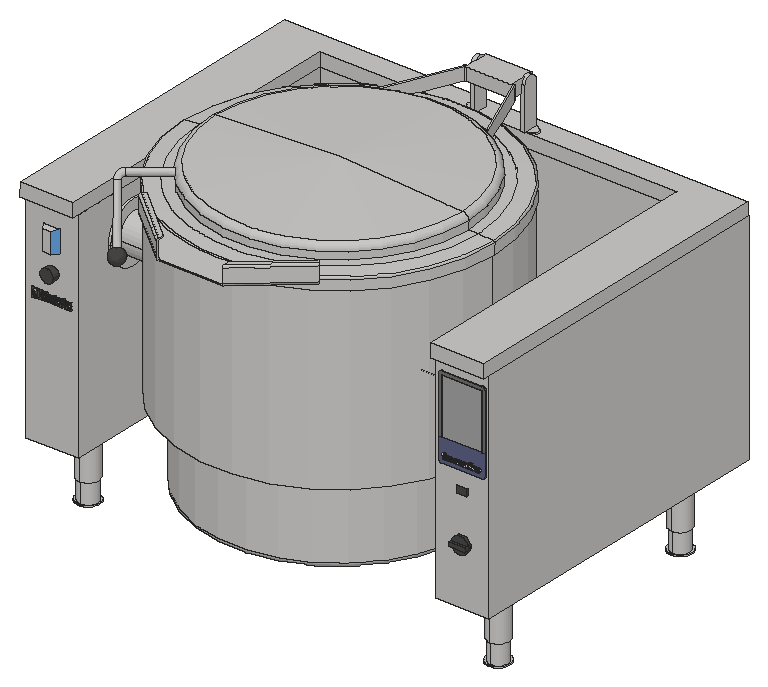
Revit family "QF_ELECTROLUXPROFESSIONAL_587106_PBOT20EDIO", category Attrezzature speciali, Revit 2020
Family settings
  Quota connettore circolare = Usa diametro
  Tipo di parte = Normale
  Basato su piano di lavoro = No
  Sempre verticale = Sì
  Taglio con vuoti quando caricato = No
  Condiviso = No
  Punto di calcolo locali = No
Parameters (values of type "Standard")
  Weight = 360.00 kg
  Watts = 30200 W
  Volts = 440 V
  URL Manufacturer = "https://www.electroluxprofessional.com/"
  URL = "https://www.electroluxprofessional.com/"
  Steam Supply Size = 0 mm
  Steam Supply Minimum Pressure = 0.0 Pa
  Steam Supply Maximum Pressure = 0.0 Pa
  Steam Consumption per Hour = 0
  Refrigeration Suction Line Size = 0.0 mm
  Refrigeration Liquid Line Size = 0.0 mm
  Refrigerant Compressor Remote = yes
  Prospetto di default = 0.0 mm
  Produttore = "Electrolux Professional"
  Phase = 3
  Modello = "PBOT20EDIO"
  Length Actual = 1400.0 mm  # constant formula
  Item Number = "587106"
  Hot Water Size = 12.7 mm
  Height Actual = 700.0 mm  # constant formula
  HP = "40.5 HP"
  Gas Size = 0 mm
  Gas KW = 0
  Gas Input Pressure = 0 W
  Direct Waste Size = 0 mm
  Descrizione = "ELECTRIC BOILING PAN,TILTING,200L,440V,FS,MARINE"
  Depth Actual = 1000.0 mm  # constant formula
  Cycle = 50 Hz
  Condensate Return Size = 0 mm
  Compressed Air Volume = 0.0 L/s
  Compressed Air Size = 0 mm
  Compressed Air Pressure = 0.0 Pa
  Cold Water Size = 12.7 mm
  Accessory = yes
Reference planes
  plane 1 "Center (Front/Back)": y = 0
  plane 2: z = 0
  plane 3 "Center (Left/Right)": x = 0
  plane 4 "LEFT": x = -700
  plane 5 "RIGHT": x = 700
  plane 6 "BACK": y = 500
  plane 7 "FRONT": y = -500
  plane 8 "Base": z = 200
  plane 9 "TOP": z = 900
  plane 10: x = -540
  plane 11: x = 540
  plane 12 "Axe_PentolaY": y = -280
  plane 13 "AxePentolaZ": z = 730
  plane 14 "PLANE_TOP": z = 860
  plane 15: y = 430
  plane 16: x = -465
  plane 17 "PentolaH1": z = 970
  plane 18 "PentolaH2": z = 430
  plane 19 "Pentola_H3": z = 160
  plane 20: x = -405
  plane 21: y = -734
  plane 22 "CentroPentolaY": y = -170
  plane 23 "TopCoperchio": z = 1071
  plane 24 "Versamento": z = 1002
  plane 25 "V1": through (-269.804, -566.187, 4000) normal (-0.7071, -0.7071, 0)
  plane 26 "V2": through (187.211, -659.95, 4000) normal (-0.6561, 0.7547, 0)
  plane 27 "Gfront": y = -1400
  plane 28 "LEVEL": through (-433.899, -446.4, 4000) normal (0.6535, 0.7569, 0)
  plane 29 "GRight": x = 250
  plane 30 "GLeft": x = -250
  plane 31: z = 2047
  plane 32 "Ribaltamento": y = -835
  plane 33: x = -620
  plane 34: x = 620
  plane 35 "AttaccoManiglia": z = 1028
  plane 36 "GBack": y = -200
  plane 37: through (0, -170, 4000) normal (0.6157, -0.788, 0)
Forms (mm)
  Revolve 1, solid, material "QF_Finishes_Stainless Steel"
    sketch origin (0, 0, 730) x (-1, 0, 0) y (0, -1, 0)
      loop
        line (540, 280) -> (-540, 280) -> (-540, 190) -> (-530, 190) -> (-530, 222) -> (530, 222) -> (530, 190) -> (540, 190) -> (540, 280)
      axis (540, 280) -> (-540, 280)
    angle from 0 to 360
  Extrusion 2, solid, material "QF_Finishes_Stainless Steel"
    sketch origin (0, 0, 860) x (-1, 0, 0) y (0, -1, 0)
      loop
        line (700, 500) -> (540, 500) -> (540, -430) -> (-540, -430) -> (-540, 500) -> (-700, 500) -> (-700, -500) -> (700, -500) -> (700, 500)
    from 0 to 40
  Extrusion 3, solid, material "QF_Finishes_Stainless Steel"
    sketch origin (0, 0, 860) x (-1, 0, 0) y (0, -1, 0)
      loop
        line (540, -430) -> (-540, -430) -> (-540, -500) -> (540, -500) -> (540, -430)
    from 0 to -360
  Revolve 4, solid, material "QF_Finishes_Stainless Steel"
    sketch origin (0, -170, 0) x (-1, 0, 0) y (0, 0, 1)
      loop
        line (0, 970) -> (0, 160)
        arc (0, 160) -> (194.987, 166.243) -> (389.172, 184.97) r 3042.07
        arc (389.172, 184.97) -> (400.002, 186.598) -> (405, 196.343) r 12
        line (405, 196.343) -> (405, 430) -> (465, 430) -> (465, 970) -> (0, 970)
      axis (0, 970) -> (0, 160)
    angle from 0 to 360
  Revolve 5, solid, material "QF_Finishes_Stainless Steel"
    sketch origin (0, -170, 0) x (-1, 0, 0) y (0, 0, 1)
      loop
        line (470, 970) -> (470, 1000.417)
        arc (470, 1000.417) -> (468.783, 1004.04) -> (465.626, 1006.193) r 6
        line (465.626, 1006.193) -> (421, 1010) -> (390, 1010) -> (390, 1031.999)
        arc (390, 1031.999) -> (384.849, 1045.397) -> (372.049, 1051.894) r 20
        arc (372.049, 1051.894) -> (186.27, 1066.22) -> (0, 1071) r 3631.929
        line (0, 1071) -> (0, 970) -> (470, 970)
      axis (0, 1071) -> (0, 970)
    angle from 0 to 360
  Extrusion 6, solid, material "QF_Finishes_Stainless Steel"
    sketch origin (0, 0, 1002) x (-1, 0, 0) y (0, -1, 0)
      loop
        line (91.591, 734) -> (-92.97, 734) -> (-268.11, 581.753) -> (-253.963, 565.478)
        arc (-253.963, 565.478) -> (0.647, 640) -> (255.051, 564.777) r 470
        line (255.051, 564.777) -> (268.273, 581.464) -> (91.591, 734)
    from 0 to 3
  Sweep 7, solid, material "QF_Finishes_Stainless Steel"
    path origin (0, 0, 1002) x (-1, 0, 0) y (0, -1, 0)
      loop
        line (-83.331, 750.252) -> (-272.008, 586.237)
    profile origin (177.669, -668.244, 1002) x (-0.656059, 0.75471, 0) y (0, 0, 1)
      loop
        arc (0, 6) -> (1.757, 1.757) -> (6, 0) r 6
        line (6, 0) -> (19, 0) -> (19, 3) -> (6, 3)
        arc (6, 3) -> (3.879, 3.879) -> (3, 6) r 3
        line (3, 6) -> (3, 50)
        arc (3, 50) -> (3.879, 52.121) -> (6, 53) r 3
        line (6, 53) -> (19, 53) -> (19, 56) -> (6, 56)
        arc (6, 56) -> (1.757, 54.243) -> (0, 50) r 6
        line (0, 50) -> (0, 6)
  Extrusion 8, solid, material "QF_Finishes_Stainless Steel"
    sketch origin (0, 0, 0) x (0, 1, 0) y (0, 0, 1)
      loop
        line (470, 900) -> (470, 1026.813)
        arc (470, 1026.813) -> (450, 1046.813) -> (430, 1026.813) r 20
        line (430, 1026.813) -> (430, 900) -> (470, 900)
    from -70 to -82
  Extrusion 9, solid, material "QF_Finishes_Stainless Steel"
    sketch origin (0, 0, 900) x (0, 1, 0) y (-1, 0, 0)
      loop
        arc (391.221, 74.165) -> (393.445, 72.322) -> (394.279, 69.557) r 5
        line (394.279, 69.557) -> (394.279, -69.557)
        arc (394.279, -69.557) -> (393.445, -72.322) -> (391.221, -74.165) r 5
        line (391.221, -74.165) -> (185.222, -160.989) -> (181.486, -168.991) -> (394.012, -78.4)
        arc (394.012, -78.4) -> (397.863, -74.931) -> (399.459, -70) r 10
        line (399.459, -70) -> (470, -70) -> (470, 70) -> (399.459, 70)
        arc (399.459, 70) -> (397.863, 74.931) -> (394.012, 78.4) r 10
        line (394.012, 78.4) -> (182.094, 167.719) -> (184.906, 161.122) -> (391.221, 74.165)
    from 102 to 141.895
  Extrusion 10, solid, material "QF_Finishes_Stainless Steel"
    sketch origin (0, 0, 0) x (0, 1, 0) y (0, 0, 1)
      loop
        line (470, 900) -> (470, 1026.813)
        arc (470, 1026.813) -> (450, 1046.813) -> (430, 1026.813) r 20
        line (430, 1026.813) -> (430, 900) -> (470, 900)
    from 70 to 82
  Extrusion 11, solid, material "QF_Finishes_Stainless Steel"
    sketch origin (0, 0, 900) x (0, 1, 0) y (-1, 0, 0)
      loop
        arc (441.973, -103.927) -> (450, -108.689) -> (458.027, -103.927) r 9.146
        line (458.027, -103.927) -> (470, -82) -> (430, -82) -> (441.973, -103.927)
      loop
        line (441.973, 103.927) -> (430, 82) -> (470, 82) -> (458.027, 103.927)
        arc (458.027, 103.927) -> (450, 108.689) -> (441.973, 103.927) r 9.146
    from 0 to 3
  Extrusion 12, solid, material "QF_Door-Drawer Clearances", detail levels coarse
    sketch origin (0, 0, 0) x (0, 1, 0) y (0, 0, 1)
      loop
        line (-734, 1008) -> (-734, 1058)
        arc (-734, 1058) -> (-830.288, 669.084) -> (-635, 319.241) r 545.673
        line (-635, 319.241) -> (-635, 970) -> (-640, 970) -> (-640, 1002) -> (-729.757, 1002)
        spline (-729.757, 1002) -> (-730.311, 1002.051) -> (-730.855, 1002.204) -> (-731.381, 1002.457) -> (-731.879, 1002.804) -> (-732.34, 1003.24) -> (-732.757, 1003.757) -> (-733.123, 1004.347) -> (-733.432, 1005) -> (-733.677, 1005.704) -> (-733.855, 1006.447) -> (-733.964, 1007.217) -> (-734, 1008)
    from -100 to 100
  Extrusion 13, void
    sketch origin (0, 0, 1002) x (-1, 0, 0) y (0, -1, 0)
      loop
        line (-100, 734) -> (100, 734) -> (100, 751.601) -> (-100, 751.601) -> (-100, 734)
    from 0 to 71
  Extrusion 14, solid, material "QF_Door-Drawer Clearances", detail levels coarse
    sketch origin (0, 0, 0) x (0, 1, 0) y (0, 0, 1)
      loop
        line (470, 1026.813) -> (470, 1056.062) -> (390.735, 1353.963)
        arc (390.735, 1353.963) -> (344.187, 1589.928) -> (267.311, 1817.823) r 1843.263
        line (267.311, 1817.823) -> (206.507, 2046.341)
        arc (206.507, 2046.341) -> (-460.593, 1748.224) -> (-734, 1070.62) r 976.38
        line (-734, 1070.62) -> (-734, 1056.062) -> (-450, 1056.062)
        arc (-450, 1056.062) -> (-169.5, 1072.082) -> (111, 1056.062) r 2463.707
        line (111, 1056.062) -> (220, 1056.062) -> (220, 1012.644) -> (430, 1012.644) -> (430, 1026.813)
        arc (430, 1026.813) -> (450, 1046.813) -> (470, 1026.813) r 20
    from -100 to 100
  Sweep 15, solid, material "QF_Finishes_Stainless Steel"
    path origin (0, 0, 1002) x (1, 0, 0) y (0, -1, 0)
      loop
        line (-83.331, 750.252) -> (-272.008, 586.237)
    profile origin (-177.669, -668.244, 1002) x (-0.656059, -0.75471, 0) y (0, 0, 1)
      loop
        line (0, 6) -> (0, 50)
        arc (0, 50) -> (-1.757, 54.243) -> (-6, 56) r 6
        line (-6, 56) -> (-19, 56) -> (-19, 53) -> (-6, 53)
        arc (-6, 53) -> (-3.879, 52.121) -> (-3, 50) r 3
        line (-3, 50) -> (-3, 6)
        arc (-3, 6) -> (-3.879, 3.879) -> (-6, 3) r 3
        line (-6, 3) -> (-19, 3) -> (-19, 0) -> (-6, 0)
        arc (-6, 0) -> (-1.757, 1.757) -> (0, 6) r 6
  Extrusion 16, void
    sketch origin (0, 0, 1002) x (-1, 0, 0) y (0, -1, 0)
      loop
        line (100, 710.586) -> (100, 733.997) -> (-100, 733.997) -> (-100, 710.586) -> (100, 710.586)
    from 0 to 56
Cuts and joins
  Extrusion 13 cuts Extrusion 6
  Extrusion 13, Extrusion 16 cuts Sweep 7
  Extrusion 13, Extrusion 16 cuts Sweep 15
  joined: Extrusion 6, Sweep 7, Sweep 15
  Extrusion 13 cuts Extrusion 12
Lines and regions (mm)
  symbolic lines
    curve 1: line (700, 500, 900) -> (-700, 500, 900)
    curve 2: line (700, -500, 900) -> (700, 500, 900)
    curve 3: line (-700, 500, 900) -> (-700, -500, 900)
    curve 4: line (-700, -500, 900) -> (-540, -500, 900)
    curve 5: line (-540, -500, 900) -> (-540, 430, 900)
    curve 6: line (540, 430, 900) -> (540, -500, 900)
    curve 7: line (540, -500, 900) -> (700, -500, 900)
    curve 8: line (-530, -190, 900) -> (-530, -370, 900)
    curve 9: line (-530, -190, 900) -> (-540, -190, 900)
    curve 10: line (-530, -370, 900) -> (-540, -370, 900)
    curve 11: line (530, -190, 900) -> (540, -190, 900)
    curve 12: line (530, -370, 900) -> (540, -370, 900)
    curve 13: line (-70, 399.459, 900) -> (-70, 470, 900)
    curve 14: line (-82, 470, 900) -> (82, 470, 900)
    curve 15: line (70, 470, 900) -> (70, 399.459, 900)
    curve 16: line (272.008, -586.237, 900) -> (102.026, -734, 900)
    curve 17: line (-103.927, 441.973, 900) -> (-82, 430, 900)
    curve 18: arc (-103.927, 458.027, 900) -> (-108.689, 450, 900) -> (-103.927, 441.973, 900) r 9.146
    curve 19: line (-82, 470, 900) -> (-103.927, 458.027, 900)
    curve 20: line (-82, 470, 900) -> (-82, 430, 900)
    curve 21: line (82, 430, 900) -> (82, 470, 900)
    curve 22: line (103.927, 458.027, 900) -> (82, 470, 900)
    curve 23: arc (103.927, 441.973, 900) -> (108.689, 450, 900) -> (103.927, 458.027, 900) r 9.146
    curve 24: line (82, 430, 900) -> (103.927, 441.973, 900)
    curve 29: line (-540, 430, 900) -> (-70, 430, 900)
    curve 30: line (540, 430, 900) -> (70, 430, 900)
    curve 31: line (-530, -222, 900) -> (-467.115, -222, 900)
    curve 32: line (-530, -338, 900) -> (-438.949, -338, 900)
    curve 33: line (530, -222, 900) -> (466.676, -222, 900)
    curve 53: line (530, -338, 900) -> (439.209, -338, 900)
    curve 55: line (530, -370, 1002) -> (530, -190, 1002)
    curve 56: circle (0, -170, 1002) r 427.847 normal (0, 0, 1)
    curve 57: arc (-70, 399.459, 1002) -> (-74.931, 397.863, 1002) -> (-78.4, 394.012, 1002) r 10
    curve 58: arc (-74.165, 391.221, 1002) -> (-72.322, 393.445, 1002) -> (-69.557, 394.279, 1002) r 5
    curve 59: arc (69.557, 394.279, 1002) -> (72.322, 393.445, 1002) -> (74.165, 391.221, 1002) r 5
    curve 60: arc (78.4, 394.012, 1002) -> (74.931, 397.863, 1002) -> (70, 399.459, 1002) r 10
    curve 61: line (-69.557, 394.279, 1002) -> (69.557, 394.279, 1002)
    curve 62: line (-160.989, 185.222, 1002) -> (-74.165, 391.221, 1002)
    curve 63: line (-78.4, 394.012, 1002) -> (-167.719, 182.094, 1002)
    curve 64: line (74.165, 391.221, 1002) -> (160.989, 185.222, 1002)
    curve 65: line (168.991, 181.486, 1002) -> (78.4, 394.012, 1002)
    curve 66: arc (470, -170, 1002) -> (0, 300, 1002) -> (-470, -170, 1002) r 470
    curve 67: circle (0, -170, 1002) r 390 normal (0, 0, 1)
    curve 68: arc (-470, -170, 1002) -> (-445.318, -320.307, 1002) -> (-373.864, -454.826, 1002) r 470
    curve 69: line (-255.051, -564.777, 1002) -> (-272.008, -586.237, 1002)
    curve 70: line (272.008, -586.237, 1002) -> (253.963, -565.478, 1002)
    curve 71: line (-272.008, -586.237, 1002) -> (-100, -734.738, 1002)
    curve 72: line (-260.216, -571.313, 1002) -> (-100, -710.586, 1002)
    curve 73: line (259.543, -571.897, 1002) -> (100, -710.586, 1002)
    curve 74: line (-100, -710.586, 1002) -> (-100, -734.738, 1002)
    curve 75: line (100, -710.586, 1002) -> (100, -733.997, 1002)
    curve 76: arc (-362.785, -468.809, 1002) -> (158.731, -612.385, 1002) -> (470, -170, 1002) r 470
  symbolic lines, style "SpecialityEquipmentHiddenLines"
    curve 25: line (-250, -1400, 900) -> (250, -1400, 900)
    curve 26: line (-250, -200, 900) -> (-250, -1400, 900)
    curve 27: line (250, -1400, 900) -> (250, -200, 900)
    curve 50: line (0, -1265.484, 900) -> (0, -1235.484, 900)
    curve 51: line (-15, -1250.484, 900) -> (15, -1250.484, 900)
    curve 54: line (250, -200, 1002) -> (-250, -200, 1002)
  symbolic lines, style "SpecialityEquipment"
    curve 28: circle (0, -1250.484, 900) r 15 normal (0, 0, 1)
    curve 34: line (210, -1400, 900) -> (210, -1200, 900)
    curve 35: line (170, -1400, 900) -> (170, -1240, 900)
    curve 36: line (130, -1400, 900) -> (130, -1280, 900)
    curve 37: line (90, -1400, 900) -> (90, -1320, 900)
    curve 38: line (90, -1360, 900) -> (250, -1360, 900)
    curve 39: line (130, -1320, 900) -> (250, -1320, 900)
    curve 40: line (170, -1280, 900) -> (250, -1280, 900)
    curve 41: line (210, -1240, 900) -> (250, -1240, 900)
    curve 42: line (-210, -1400, 900) -> (-210, -1200, 900)
    curve 43: line (-170, -1400, 900) -> (-170, -1240, 900)
    curve 44: line (-130, -1400, 900) -> (-130, -1280, 900)
    curve 45: line (-90, -1400, 900) -> (-90, -1320, 900)
    curve 46: line (-90, -1360, 900) -> (-250, -1360, 900)
    curve 47: line (-130, -1320, 900) -> (-250, -1320, 900)
    curve 48: line (-170, -1280, 900) -> (-250, -1280, 900)
    curve 49: line (-210, -1240, 900) -> (-250, -1240, 900)
    curve 52: line (-100.772, -734, 900) -> (102.026, -734, 900)
Dimensions and locks
  plane 4 "LEFT" to plane 5 "RIGHT" = 1400.0 mm
  equal spacing: plane 4 "LEFT", plane 3 "Center (Left/Right)", plane 5 "RIGHT"
  equal spacing: plane 6 "BACK", plane 1 "Center (Front/Back)", plane 7 "FRONT"
  plane 6 "BACK" to plane 7 "FRONT" = 1000.0 mm
  plane 8 "Base" to level = 200.0 mm
  plane 9 "TOP" to level = 900.0 mm
  plane 9 "TOP" to plane 8 "Base" = 700.0 mm
  locked: plane 4 "LEFT" to plane 10 at 160
  locked: plane 11 to plane 5 "RIGHT" at 160
  locked: plane 6 "BACK" to plane 12 "Axe_PentolaY" at 780
  locked: plane 13 "AxePentolaZ" to plane 8 "Base" at 530
  locked: Revolve 1 sketch curve to Revolve 1 sketch curve at 58
  locked: Revolve 1 sketch curve to Revolve 1 sketch curve at 90
  locked: plane 10 to Revolve 1 sketch curve at 10
  locked: Revolve 1 sketch curve to plane 11 at 10
  locked: plane 9 "TOP" to plane 14 "PLANE_TOP" at 40
  plane 6 "BACK" to plane 15 = 70.0 mm
  locked: plane 17 "PentolaH1" to plane 13 "AxePentolaZ" at 240
  locked: plane 13 "AxePentolaZ" to plane 18 "PentolaH2" at 300
  locked: plane 18 "PentolaH2" to plane 19 "Pentola_H3" at 270
  locked: plane 3 "Center (Left/Right)" to plane 16 at 465
  locked: plane 3 "Center (Left/Right)" to plane 20 at 405
  Revolve 5 sketch curve to plane 17 "PentolaH1" = 40.0 mm
  locked: plane 16 to Revolve 5 sketch curve at 5
  plane 6 "BACK" to plane 21 = 1234.0 mm
  locked: plane 6 "BACK" to plane 22 "CentroPentolaY" at 670
  locked: plane 23 "TopCoperchio" to plane 9 "TOP" at 171
  locked: plane 24 "Versamento" to level at 1002
  plane 6 "BACK" to plane 27 "Gfront" = 1900.0 mm
  locked: plane 30 "GLeft" to plane 3 "Center (Left/Right)" at 250
  locked: plane 3 "Center (Left/Right)" to plane 29 "GRight" at 250
  plane 31 to plane 9 "TOP" = 1147.0 mm
  plane 6 "BACK" to plane 32 "Ribaltamento" = 1335.0 mm
  equal spacing: plane 10, plane 33, plane 4 "LEFT"
  equal spacing: plane 5 "RIGHT", plane 34, plane 11
  locked: plane 35 "AttaccoManiglia" to level at 1028
  plane 6 "BACK" to plane 36 "GBack" = 700.0 mm
  aligned and locked: level to plane 2
  aligned and locked: plane 5 "RIGHT" to nested 2
  aligned and locked: plane 4 "LEFT" to nested 1
  aligned and locked: plane 8 "Base" to nested 1
  aligned and locked: plane 8 "Base" to nested 2
  aligned and locked: plane 6 "BACK" to nested 2
  aligned and locked: plane 6 "BACK" to nested 1
  aligned and locked: plane 10 to Revolve 1 sketch curve
  aligned and locked: plane 11 to Revolve 1 sketch curve
  aligned and locked: plane 4 "LEFT" to Extrusion 2 sketch curve
  aligned and locked: Extrusion 2 sketch curve to plane 10
  aligned and locked: plane 7 "FRONT" to Extrusion 2 sketch curve  (x2)
  aligned and locked: Extrusion 2 sketch curve to plane 5 "RIGHT"
  aligned and locked: plane 11 to Extrusion 2 sketch curve
  aligned and locked: Extrusion 2 sketch curve to plane 6 "BACK"
  aligned and locked: plane 15 to Extrusion 2 sketch curve
  aligned and locked: Extrusion 3 sketch curve to plane 10
  aligned and locked: plane 6 "BACK" to Extrusion 3 sketch curve
  aligned and locked: plane 11 to Extrusion 3 sketch curve
  aligned and locked: Extrusion 3 sketch curve to plane 15
  aligned and locked: plane 3 "Center (Left/Right)" to Revolve 4 sketch curve
  aligned and locked: Revolve 4 sketch curve to plane 20
  aligned and locked: Revolve 4 sketch curve to plane 18 "PentolaH2"
  aligned and locked: Revolve 4 sketch curve to plane 16
  aligned and locked: plane 17 "PentolaH1" to Revolve 4 sketch curve
  aligned and locked: Revolve 5 sketch curve to plane 17 "PentolaH1"
  aligned and locked: Extrusion 8 sketch curve to plane 15
  aligned and locked: Extrusion 8 sketch curve to Extrusion 2
  aligned and locked: curve 25 to plane 27 "Gfront"
  aligned and locked: curve 26 to plane 30 "GLeft"
  aligned and locked: plane 29 "GRight" to curve 27
  aligned and locked: plane 33 to nested 3
  aligned and locked: plane 34 to nested 4
  aligned and locked: plane 36 "GBack" to curve 54
Automatic sketch dimensions
  plane 12 "Axe_PentolaY" to Revolve 1 sketch curve = 0.0 mm
  Revolve 1 sketch curve to plane 12 "Axe_PentolaY" = 0.0 mm
  plane 36 "GBack" to Revolve 1 sketch curve = 10.0 mm
  plane 5 "RIGHT" to Revolve 1 sketch curve = 432.098 mm
  Revolve 1 sketch curve to plane 4 "LEFT" = 580.148 mm
  Revolve 4 sketch curve to plane 3 "Center (Left/Right)" = 0.0 mm
  Revolve 4 sketch curve to plane 19 "Pentola_H3" = 0.0 mm
  Revolve 4 sketch curve to plane 3 "Center (Left/Right)" = 0.201 mm
  Revolve 4 sketch curve to plane 8 "Base" = 3.657 mm
  Revolve 4 sketch curve to Revolve 4 sketch curve = 12.0 mm
  plane 31 to Revolve 4 sketch curve = 1155.07 mm
  level to Revolve 4 sketch curve = 60.0 mm
  plane 23 "TopCoperchio" to Revolve 4 sketch curve = 179.0 mm
  Extrusion 6 sketch curve to plane 21 = 0.0 mm
  Extrusion 6 sketch curve to plane 3 "Center (Left/Right)" = 0.0 mm
  plane 28 "LEVEL" to Extrusion 6 sketch curve = 6.0 mm  (x2)
  Extrusion 6 sketch curve to plane 22 "CentroPentolaY" = 0.0 mm
  plane 3 "Center (Left/Right)" to Extrusion 6 sketch curve = 92.97 mm
  plane 29 "GRight" to Extrusion 6 sketch curve = 3.963 mm
  plane 29 "GRight" to Extrusion 6 sketch curve = 18.11 mm
  Extrusion 6 sketch curve to plane 30 "GLeft" = 5.051 mm
  Extrusion 6 sketch curve to plane 30 "GLeft" = 18.273 mm
  Extrusion 6 sketch curve to Extrusion 6 sketch curve = 16.687 mm
  Sweep 7 sketch curve to plane 26 "V2" = 0.0 mm  (x2)
  plane 29 "GRight" to Sweep 7 sketch curve = 22.008 mm
  Sweep 7 sketch curve to plane 21 = 16.252 mm
  Sweep 7 sketch curve to Sweep 7 sketch curve = 0.0 mm  (x4)
  Sweep 7 sketch curve to profile plane = 0.0 mm
  plane 24 "Versamento" to Sweep 7 sketch curve = 0.0 mm
  Sweep 7 sketch curve to Sweep 7 sketch curve = 3.0 mm  (x2)
  Sweep 7 sketch curve to profile plane = 6.0 mm
  Sweep 7 sketch curve to Sweep 7 sketch curve = 13.0 mm  (x2)
  Sweep 7 sketch curve to Sweep 7 sketch curve = 44.0 mm
  Extrusion 8 sketch curve to plane 35 "AttaccoManiglia" = 1.187 mm
  Extrusion 8 sketch curve to Extrusion 8 sketch curve = 20.0 mm
  Extrusion 10 sketch curve to plane 9 "TOP" = 0.0 mm
  Extrusion 10 sketch curve to plane 15 = 0.0 mm
  Extrusion 10 sketch curve to plane 35 "AttaccoManiglia" = 1.187 mm
  Extrusion 10 sketch curve to Extrusion 10 sketch curve = 20.0 mm
  Extrusion 11 sketch curve to plane 15 = 0.0 mm  (x2)
  plane 15 to Extrusion 11 sketch curve = 11.973 mm  (x2)
  Extrusion 11 sketch curve to Extrusion 11 sketch curve = 8.027 mm  (x4)
  Extrusion 11 sketch curve to Extrusion 11 sketch curve = 11.973 mm  (x2)
  plane 3 "Center (Left/Right)" to Extrusion 11 sketch curve = 103.927 mm
  Extrusion 11 sketch curve to Extrusion 11 sketch curve = 4.383 mm  (x2)
  Extrusion 11 sketch curve to Extrusion 11 sketch curve = 21.927 mm
  Extrusion 11 sketch curve to plane 3 "Center (Left/Right)" = 82.0 mm
  Extrusion 11 sketch curve to Extrusion 11 sketch curve = 17.543 mm
  Extrusion 13 sketch curve to plane 21 = 0.0 mm
  plane 26 "V2" to Extrusion 13 sketch curve = 132.541 mm
  Extrusion 13 sketch curve to plane 25 "V1" = 142.829 mm
  Extrusion 13 sketch curve to plane 21 = 17.601 mm
  plane 30 "GLeft" to Sweep 15 sketch curve = 22.008 mm
  plane 7 "FRONT" to Sweep 15 sketch curve = 86.237 mm
  plane 21 to Sweep 15 sketch curve = 16.252 mm
  plane 3 "Center (Left/Right)" to Sweep 15 sketch curve = 83.331 mm
  Sweep 15 sketch curve to Sweep 15 sketch curve = 0.0 mm  (x4)
  plane 24 "Versamento" to Sweep 15 sketch curve = 0.0 mm
  Sweep 15 sketch curve to profile plane = 0.0 mm
  profile plane to Sweep 15 sketch curve = 3.0 mm
  Sweep 15 sketch curve to Sweep 15 sketch curve = 3.0 mm  (x2)
  Sweep 15 sketch curve to Sweep 15 sketch curve = 13.0 mm  (x2)
  Sweep 15 sketch curve to Sweep 15 sketch curve = 44.0 mm
  Revolve 5 sketch curve to plane 3 "Center (Left/Right)" = 0.0 mm  (x2)
  Revolve 5 sketch curve to plane 23 "TopCoperchio" = 0.0 mm
  plane 35 "AttaccoManiglia" to Revolve 5 sketch curve = 3.999 mm
  plane 20 to Revolve 5 sketch curve = 35.0 mm
  plane 20 to Revolve 5 sketch curve = 15.0 mm
  Revolve 5 sketch curve to plane 20 = 16.0 mm
  plane 16 to Revolve 5 sketch curve = 1.0 mm
  Revolve 5 sketch curve to plane 16 = 0.626 mm
  Revolve 5 sketch curve to level = 2560.929 mm
  Revolve 5 sketch curve to plane 24 "Versamento" = 1.583 mm
  Revolve 5 sketch curve to plane 18 "PentolaH2" = 95.0 mm
  Revolve 5 sketch curve to Revolve 5 sketch curve = 179.0 mm
  plane 30 "GLeft" to Extrusion 9 sketch curve = 82.281 mm
  Extrusion 9 sketch curve to plane 1 "Center (Front/Back)" = 182.094 mm
  plane 30 "GLeft" to Extrusion 9 sketch curve = 88.878 mm
  Extrusion 9 sketch curve to Extrusion 9 sketch curve = 2.812 mm
  Extrusion 9 sketch curve to plane 15 = 40.721 mm  (x2)
  Extrusion 9 sketch curve to Extrusion 9 sketch curve = 0.194 mm  (x2)
  Extrusion 9 sketch curve to Extrusion 9 sketch curve = 1.748 mm  (x2)
  Extrusion 9 sketch curve to Extrusion 9 sketch curve = 2.792 mm  (x2)
  Extrusion 9 sketch curve to Extrusion 9 sketch curve = 4.806 mm
  Extrusion 9 sketch curve to Extrusion 9 sketch curve = 5.181 mm  (x2)
  Extrusion 9 sketch curve to plane 6 "BACK" = 30.0 mm
  Extrusion 9 sketch curve to plane 3 "Center (Left/Right)" = 78.4 mm
  Extrusion 9 sketch curve to Extrusion 9 sketch curve = 4.235 mm
  Extrusion 9 sketch curve to plane 3 "Center (Left/Right)" = 70.0 mm
  plane 3 "Center (Left/Right)" to Extrusion 9 sketch curve = 69.49 mm
  Extrusion 9 sketch curve to Extrusion 9 sketch curve = 0.067 mm
  plane 3 "Center (Left/Right)" to Extrusion 9 sketch curve = 70.0 mm
  Extrusion 9 sketch curve to plane 1 "Center (Front/Back)" = 181.486 mm
  Extrusion 9 sketch curve to plane 29 "GRight" = 81.009 mm
  Extrusion 9 sketch curve to Extrusion 9 sketch curve = 3.736 mm
  Extrusion 9 sketch curve to plane 29 "GRight" = 89.011 mm
  Extrusion 12 sketch curve to plane 21 = 0.0 mm
  Extrusion 12 sketch curve to plane 24 "Versamento" = 0.0 mm
  Extrusion 12 sketch curve to plane 17 "PentolaH1" = 0.0 mm
  plane 21 to Extrusion 12 sketch curve = 4.243 mm
  plane 21 to Extrusion 12 sketch curve = 94.0 mm
  Extrusion 12 sketch curve to Extrusion 12 sketch curve = 5.0 mm
  Extrusion 12 sketch curve to plane 12 "Axe_PentolaY" = 9.45 mm
  plane 13 "AxePentolaZ" to Extrusion 12 sketch curve = 11.561 mm
  plane 24 "Versamento" to Extrusion 12 sketch curve = 6.0 mm
  plane 8 "Base" to Extrusion 12 sketch curve = 119.241 mm
  Extrusion 14 sketch curve to plane 21 = 0.0 mm
  Extrusion 14 sketch curve to plane 15 = 0.0 mm
  Extrusion 14 sketch curve to plane 27 "Gfront" = 37.099 mm
  Extrusion 14 sketch curve to plane 23 "TopCoperchio" = 14.938 mm  (x3)
  plane 7 "FRONT" to Extrusion 14 sketch curve = 50.0 mm
  plane 22 "CentroPentolaY" to Extrusion 14 sketch curve = 0.5 mm
  Extrusion 14 sketch curve to plane 31 = 0.659 mm
  Extrusion 14 sketch curve to plane 23 "TopCoperchio" = 0.38 mm
  Extrusion 14 sketch curve to Extrusion 14 sketch curve = 22.38 mm
  Extrusion 14 sketch curve to plane 35 "AttaccoManiglia" = 1.187 mm
  Extrusion 14 sketch curve to Extrusion 14 sketch curve = 20.0 mm
  plane 24 "Versamento" to Extrusion 14 sketch curve = 10.644 mm
  Extrusion 14 sketch curve to level = 1391.625 mm
  plane 23 "TopCoperchio" to Extrusion 14 sketch curve = 44.965 mm
  Extrusion 14 sketch curve to plane 15 = 162.689 mm
  Extrusion 14 sketch curve to plane 15 = 39.265 mm
  Extrusion 14 sketch curve to plane 1 "Center (Front/Back)" = 206.507 mm
  plane 23 "TopCoperchio" to Extrusion 14 sketch curve = 282.963 mm
  curve 56 to curve 67 = 0.0 mm
  curve 56 to curve 68 = 0.0 mm
  curve 66 to curve 67 = 0.0 mm
  curve 67 to curve 68 = 0.0 mm
  curve 66 to plane 22 "CentroPentolaY" = 0.0 mm
  curve 70 to plane 26 "V2" = 0.0 mm
  curve 54 to plane 29 "GRight" = 0.0 mm
  curve 56 to plane 3 "Center (Left/Right)" = 0.0 mm
  curve 54 to plane 30 "GLeft" = 0.0 mm
  curve 65 to plane 15 = 35.988 mm
  plane 3 "Center (Left/Right)" to curve 65 = 78.4 mm
  curve 60 to curve 64 = 4.235 mm
  curve 59 to curve 59 = 4.607 mm
  curve 59 to curve 60 = 0.067 mm
  curve 57 to plane 3 "Center (Left/Right)" = 69.49 mm
  curve 57 to curve 61 = 0.067 mm
  curve 62 to plane 15 = 38.779 mm
  curve 57 to curve 62 = 4.675 mm
  curve 63 to plane 15 = 35.988 mm
  curve 62 to curve 63 = 4.235 mm
  plane 21 to curve 72 = 23.414 mm
  curve 72 to plane 3 "Center (Left/Right)" = 100.0 mm
  curve 69 to plane 30 "GLeft" = 22.008 mm
  curve 61 to curve 62 = 3.058 mm
  curve 60 to curve 64 = 2.792 mm
  curve 57 to curve 58 = 0.194 mm
  curve 60 to curve 59 = 0.194 mm
  curve 71 to plane 7 "FRONT" = 86.237 mm
  curve 74 to plane 21 = 0.738 mm
  plane 29 "GRight" to curve 70 = 3.963 mm
  curve 73 to curve 70 = 5.58 mm
  curve 70 to curve 73 = 12.465 mm
  curve 55 to plane 11 = 10.0 mm
  curve 65 to plane 29 "GRight" = 81.009 mm
  curve 65 to curve 64 = 8.002 mm
  plane 21 to curve 75 = 0.003 mm
  plane 3 "Center (Left/Right)" to curve 75 = 100.0 mm
  plane 21 to curve 73 = 23.414 mm
  curve 60 to curve 61 = 0.443 mm
  curve 61 to curve 57 = 0.443 mm
  plane 30 "GLeft" to curve 62 = 89.011 mm
  curve 62 to curve 63 = 6.73 mm
  curve 69 to plane 30 "GLeft" = 5.051 mm
  curve 69 to curve 72 = 5.164 mm
  curve 64 to plane 1 "Center (Front/Back)" = 185.222 mm
  plane 36 "GBack" to curve 55 = 10.0 mm
  curve 55 to plane 12 "Axe_PentolaY" = 90.0 mm
  plane 21 to Extrusion 16 sketch curve = 23.414 mm
  plane 3 "Center (Left/Right)" to Extrusion 16 sketch curve = 100.0 mm
  plane 21 to Extrusion 16 sketch curve = 0.003 mm
  Extrusion 16 sketch curve to plane 3 "Center (Left/Right)" = 100.0 mm
  curve 56 to curve 66 = 0.0 mm
  curve 56 to curve 76 = 0.0 mm
  plane 7 "FRONT" to curve 76 = 31.191 mm
  curve 76 to curve 68 = 11.079 mm
  curve 50 to plane 3 "Center (Left/Right)" = 0.0 mm
  curve 28 to plane 3 "Center (Left/Right)" = 0.0 mm
  curve 52 to plane 21 = 0.0 mm
  curve 16 to plane 26 "V2" = 0.0 mm
  curve 6 to plane 7 "FRONT" = 0.0 mm
  curve 4 to plane 4 "LEFT" = 0.0 mm
  curve 4 to plane 7 "FRONT" = 0.0 mm
  curve 10 to plane 10 = 0.0 mm
  curve 12 to plane 11 = 0.0 mm
  curve 27 to plane 36 "GBack" = 0.0 mm
  curve 26 to plane 36 "GBack" = 0.0 mm
  curve 6 to plane 15 = 0.0 mm
  curve 29 to plane 15 = 0.0 mm
  curve 2 to plane 5 "RIGHT" = 0.0 mm
  curve 2 to plane 6 "BACK" = 0.0 mm
  curve 52 to plane 26 "V2" = 0.0 mm
  plane 28 "LEVEL" to curve 52 = 0.0 mm
  plane 27 "Gfront" to curve 28 = 149.516 mm
  plane 10 to curve 10 = 10.0 mm
  curve 10 to plane 12 "Axe_PentolaY" = 90.0 mm
  plane 36 "GBack" to curve 9 = 10.0 mm
  plane 15 to curve 24 = 11.973 mm
  plane 15 to curve 17 = 11.973 mm
  curve 23 to curve 23 = 8.027 mm
  curve 18 to curve 18 = 8.027 mm
  curve 23 to curve 22 = 8.027 mm
  curve 18 to curve 19 = 8.027 mm
  curve 22 to curve 14 = 11.973 mm
  plane 3 "Center (Left/Right)" to curve 24 = 103.927 mm
  curve 22 to curve 23 = 4.383 mm
  curve 22 to curve 22 = 21.927 mm
  curve 14 to plane 3 "Center (Left/Right)" = 82.0 mm
  curve 14 to curve 18 = 17.543 mm
  curve 18 to curve 19 = 4.383 mm
  curve 25 to curve 46 = 40.0 mm
  curve 25 to curve 38 = 40.0 mm
  curve 38 to curve 39 = 40.0 mm
  curve 46 to curve 45 = 40.0 mm
  curve 47 to curve 45 = 0.0 mm
  curve 37 to curve 39 = 0.0 mm
  curve 47 to curve 48 = 40.0 mm
  curve 39 to curve 40 = 40.0 mm
  curve 36 to curve 40 = 0.0 mm
  curve 48 to curve 44 = 0.0 mm
  curve 50 to curve 28 = 15.0 mm
  curve 28 to curve 51 = 0.0 mm
  curve 40 to curve 41 = 40.0 mm
  curve 48 to curve 49 = 40.0 mm
  curve 49 to curve 43 = 0.0 mm
  curve 35 to curve 41 = 0.0 mm
  curve 41 to curve 34 = 40.0 mm
  curve 49 to curve 42 = 40.0 mm
  plane 29 "GRight" to curve 16 = 22.008 mm
  curve 12 to plane 11 = 10.0 mm
  curve 12 to plane 12 "Axe_PentolaY" = 90.0 mm
  curve 53 to plane 11 = 10.0 mm
  curve 12 to curve 53 = 32.0 mm
  plane 16 to curve 32 = 26.051 mm
  curve 32 to plane 12 "Axe_PentolaY" = 58.0 mm
  curve 31 to plane 36 "GBack" = 22.0 mm
  curve 33 to plane 36 "GBack" = 22.0 mm
  plane 36 "GBack" to curve 11 = 10.0 mm
  curve 15 to plane 15 = 30.541 mm
  curve 13 to plane 15 = 30.541 mm
  curve 11 to plane 11 = 10.0 mm
  curve 33 to plane 11 = 10.0 mm
  curve 33 to curve 33 = 63.324 mm
  curve 53 to curve 53 = 90.791 mm
  curve 34 to plane 29 "GRight" = 40.0 mm
  curve 41 to curve 40 = 40.0 mm
  curve 40 to curve 39 = 40.0 mm
  curve 36 to curve 38 = 40.0 mm
  curve 21 to curve 30 = 12.0 mm
  curve 13 to curve 17 = 12.0 mm
  curve 45 to plane 3 "Center (Left/Right)" = 90.0 mm
  curve 45 to curve 44 = 40.0 mm
  curve 44 to curve 48 = 40.0 mm
  curve 43 to curve 49 = 40.0 mm
  curve 31 to plane 16 = 2.115 mm
  radius of curve 56 = 427.847 mm
Nested families
  nested 1: "QF_ELECTROLUXPROFESSIONAL_PBOT1000_LEFT" at (-620, 0, 0), type "QF_ELECTROLUXPROFESSIONAL_PBOT1000_LEFT"
    with Body Finish QF_Finishes_Stainless Steel
  nested 2: "QF_ELECTROLUXPROFESSIONAL_PBOT1000_RIGHT" at (620, 0, 0), type "QF_ELECTROLUXPROFESSIONAL_PBOT1000_RIGHT"
    with Body Finish QF_Finishes_Stainless Steel
  nested 3: "QF_ELECTROLUXPROFESSIONAL_2FEET_THL_120x1000H200" at (-620, 10, 0), type "QF_ELECTROLUXPROFESSIONAL_2FEET_THL_120x1000H200"
  nested 4: "QF_ELECTROLUXPROFESSIONAL_2FEET_THL_120x1000H200" at (620, 10, 0), type "QF_ELECTROLUXPROFESSIONAL_2FEET_THL_120x1000H200"
  nested 5: "QF_ELECTROLUXPROFESSIONAL_PBOT1000_LEVEL1" at (-331.753, -433.409, 1028) x (0.788, 0.6157, 0) z (0, 0, 1), type "QF_ELECTROLUXPROFESSIONAL_PBOT1000_LEVEL1"
Connectors
  piping at (-650, 503, 395), diameter 12.7, driven by "Hot Water Size"
    settings: on nested 1, index 1, connector inside diameter 609.6 mm, connector length 0.0 mm, flow factor 0, pipe flow 0.0 L/s, pressure drop 0.0 Pa, fitting loss kfactor 0, connector angle 0.00°, fixture units 0, engagement length 0.0 mm, angle of deflection 0.00°, flow configuration 1, flow direction 1, fitting loss method 0, system type 19, joint type 0, gender type 0, connector reference index -1, connector utility 0, adjustable connector no, is connector primary yes, connector description "Hot Water Inlet"
  piping at (-590, 503, 395), diameter 12.7, driven by "Cold Water Size"
    settings: on nested 1, index 2, connector inside diameter 609.6 mm, connector length 0.0 mm, flow factor 0, pipe flow 0.0 L/s, pressure drop 0.0 Pa, fitting loss kfactor 0, connector angle 0.00°, fixture units 0, engagement length 0.0 mm, angle of deflection 0.00°, flow configuration 1, flow direction 1, fitting loss method 0, system type 20, joint type 0, gender type 0, connector reference index -1, connector utility 0, adjustable connector no, is connector primary no, connector description "Cold Water Inlet"
  electrical at (620, 500, 450), driven by "Volts"
    settings: on nested 2, index 3, voltage 440 V, apparent load 0 VA, apparent load phase1 0 VA, apparent load phase2 0 VA, apparent load phase3 0 VA, power factor 1, load classification "Other", number of poles 1, system type 30, power factor state 1, is connector primary yes, connector utility no, sub classification motor no, connector description "Electrical Connection"
Definition of nested family "QF_ELECTROLUXPROFESSIONAL_PBOT1000_LEFT"
  Parameters
    Width = 160.0 mm
    Right = Width / 2  # 80.0 mm
    Default Elevation = 0.0 mm
    Left = -Width / 2  # -80.0 mm
    Htop = 40.0 mm
    Height = 900.0 mm
    HW_CW_y = 312.0 mm
    HW_CW_Border = 50.0 mm
    HBase = 200.0 mm
    Depth = 1000.0 mm
    BorderFront = 20.0 mm
    Body Finish [instance] = none
  Reference planes
    plane 1 "Center (Front/Back)": y = 0
    plane 2: z = 0
    plane 3 "Center (Left/Right)": x = 0
    plane 4 "LEFT": x = -80
    plane 5 "RIGHT": x = 80
    plane 6 "BACK": y = 500
    plane 7 "FRONT": y = -500
    plane 8 "Base": z = 200
    plane 9 "TOP": z = 900
    plane 10 "BorderFront": y = -480
    plane 11: z = 860
    plane 12 "HW_CW": y = 188
    plane 13: x = -30
    plane 14: x = 30
  Forms (mm)
    Extrusion 1, solid
      sketch origin (0, 0, 0) x (1, 0, 0) y (0, 1, 0)
        loop
          line (-80, 500) -> (-80, -480) -> (80, -480) -> (80, 500) -> (-80, 500)
      from 860 to 200
    Extrusion 2, solid
      sketch origin (-1.5, -480, 0) x (-1, 0, 0) y (0, 0, 1)
        loop
          circle (-1.5, 673.484) r 20
      from 0 to -20
    Extrusion 3, solid, material <- "Body Finish"
      sketch origin (0, 500, 0) x (-1, 0, 0) y (0, 0, 1)
        loop
          circle (30, 395) r 6.35
        loop
          circle (-30, 395) r 6.35
      from 3 to 0
    Blend 4, solid, material <- "Body Finish"
      base sketch origin (0, -480, -0.233) x (-1, 0, 0) y (0, 0, 1)
        loop
          line (23.5, 800.233) -> (-23.5, 800.233) -> (-23.5, 733.433) -> (23.5, 733.433) -> (23.5, 800.233)
      top sketch origin (0, -480, -0.233) x (-1, 0, 0) y (0, 0, 1)
        loop
          line (13.448, 797.45) -> (-13.448, 797.45) -> (-13.448, 736.216) -> (13.448, 736.216) -> (13.448, 797.45)
      from 0 to -20
    Extrusion 5, solid
      sketch origin (-12.54, -480, 23) x (-1, 0, 0) y (0, 0, 1)
        loop
          line (5.327, 593.058) -> (5.327, 590.846) -> (11.437, 590.846) -> (11.437, 587.616) -> (5.692, 587.616) -> (5.692, 585.398) -> (11.437, 585.398) -> (11.437, 583.444)
          arc (11.437, 583.444) -> (10.839, 582.088) -> (9.435, 581.614) r 1.838
          line (9.435, 581.614) -> (5.163, 581.614) -> (5.163, 579.403) -> (9.986, 579.403)
          arc (9.986, 579.403) -> (12.674, 580.517) -> (13.788, 583.205) r 3.802
          line (13.788, 583.205) -> (13.788, 593.058) -> (5.327, 593.058)
        loop
          line (3.492, 593.058) -> (1.141, 593.058) -> (1.141, 579.403) -> (3.492, 579.403) -> (3.492, 593.058)
        loop
          line (-47.588, 593.058) -> (-49.941, 593.058) -> (-49.941, 579.403) -> (-47.588, 579.403) -> (-47.588, 593.058)
        loop
          arc (-2.749, 583.764) -> (-3.194, 582.272) -> (-4.489, 581.409) r 2.29
          arc (-4.489, 581.409) -> (-6.614, 581.225) -> (-8.443, 582.322) r 3.458
          line (-8.443, 582.322) -> (-9.836, 580.928)
          arc (-9.836, 580.928) -> (-7.685, 579.48) -> (-5.119, 579.102) r 5.86
          arc (-5.119, 579.102) -> (-1.823, 580.467) -> (-0.457, 583.764) r 4.662
          arc (-0.457, 583.764) -> (-1.495, 587.706) -> (-5.131, 589.55) r 4.976
          arc (-5.131, 589.55) -> (-9.259, 588.004) -> (-10.466, 583.764) r 4.89
          line (-10.466, 583.764) -> (-2.749, 583.764)
        loop
          arc (-2.808, 585.417) -> (-3.843, 587.066) -> (-5.727, 587.557) r 2.64
          arc (-5.727, 587.557) -> (-7.36, 586.981) -> (-8.104, 585.417) r 2.256
          line (-8.104, 585.417) -> (-2.808, 585.417)
        loop
          arc (-19.634, 586.402) -> (-17.741, 587.437) -> (-15.609, 587.112) r 3.369
          arc (-15.609, 587.112) -> (-14.276, 585.699) -> (-14.118, 583.764) r 2.933
          arc (-14.118, 583.764) -> (-16.389, 581.316) -> (-19.559, 582.365) r 3.088
          line (-19.559, 582.365) -> (-21.028, 580.896)
          arc (-21.028, 580.896) -> (-14.811, 579.611) -> (-11.775, 585.186) r 5.33
          arc (-11.775, 585.186) -> (-13.576, 588.365) -> (-17.009, 589.62) r 5.293
          arc (-17.009, 589.62) -> (-19.259, 589.219) -> (-21.111, 587.878) r 5.117
          line (-21.111, 587.878) -> (-19.634, 586.402)
        loop
          line (-22.556, 593.058) -> (-24.908, 593.058) -> (-24.908, 589.279) -> (-27.044, 589.279) -> (-27.044, 587.143) -> (-24.908, 587.143) -> (-24.908, 583.764)
          arc (-24.908, 583.764) -> (-25.11, 582.682) -> (-25.866, 581.883) r 1.949
          arc (-25.866, 581.883) -> (-26.455, 581.649) -> (-27.088, 581.601) r 2.118
          line (-27.088, 581.601) -> (-27.088, 579.397)
          arc (-27.088, 579.397) -> (-24.962, 579.678) -> (-23.283, 581.013) r 4.018
          arc (-23.283, 581.013) -> (-22.759, 582.327) -> (-22.556, 583.727) r 6.031
          line (-22.556, 583.727) -> (-22.556, 593.058)
        loop
          line (-31.355, 584.595) -> (-31.355, 579.403) -> (-29.023, 579.403) -> (-29.023, 589.279) -> (-31.355, 589.279) -> (-31.355, 587.855)
          arc (-31.355, 587.855) -> (-32.932, 589.208) -> (-35.001, 589.403) r 3.432
          line (-35.001, 589.403) -> (-35.001, 587.143)
          arc (-35.001, 587.143) -> (-33.417, 587.175) -> (-32.009, 586.452) r 3.231
          arc (-32.009, 586.452) -> (-31.523, 585.579) -> (-31.355, 584.595) r 2.967
        loop
          circle (-40.752, 584.339) r 5.233
        loop
          circle (-40.752, 584.339) r 3.172
        loop
          line (-58.424, 583.516) -> (-58.424, 589.279) -> (-60.794, 589.279) -> (-60.794, 583.417)
          arc (-60.794, 583.417) -> (-59.481, 580.276) -> (-56.268, 579.153) r 4.181
          arc (-56.268, 579.153) -> (-53.09, 580.243) -> (-51.74, 583.32) r 4.181
          line (-51.74, 583.32) -> (-51.74, 589.279) -> (-54.111, 589.279) -> (-54.111, 583.516)
          arc (-54.111, 583.516) -> (-54.692, 581.919) -> (-56.268, 581.283) r 2.088
          arc (-56.268, 581.283) -> (-57.843, 581.919) -> (-58.424, 583.516) r 2.088
        loop
          line (-62.216, 589.279) -> (-64.76, 589.279) -> (-66.89, 586.347) -> (-69.053, 589.279) -> (-71.621, 589.279) -> (-68.238, 584.695) -> (-71.937, 579.4) -> (-69.425, 579.4) -> (-66.898, 582.879) -> (-64.408, 579.4) -> (-61.879, 579.4) -> (-65.631, 584.642) -> (-62.216, 589.279)
        loop
          arc (12.465, 573.743) -> (10.91, 572.325) -> (12.18, 570.647) r 1.561
          line (12.18, 570.647) -> (13.314, 570.647) -> (13.314, 569.021) -> (14.34, 569.021) -> (14.34, 573.743) -> (12.465, 573.743)
        loop
          line (12.224, 571.575) -> (13.314, 571.575) -> (13.314, 572.789) -> (12.224, 572.789)
          arc (12.224, 572.789) -> (11.836, 572.182) -> (12.224, 571.575) r 0.668
        loop
          arc (5.055, 573.743) -> (3.966, 573.299) -> (3.497, 572.221) r 1.559
          arc (3.497, 572.221) -> (3.646, 571.544) -> (4.091, 571.012) r 1.458
          line (4.091, 571.012) -> (3.163, 569.021) -> (4.265, 569.021) -> (4.944, 570.647) -> (5.937, 570.647) -> (5.937, 569.021) -> (6.963, 569.021) -> (6.963, 573.743) -> (5.055, 573.743)
        loop
          line (5.937, 572.789) -> (4.847, 572.789)
          arc (4.847, 572.789) -> (4.459, 572.182) -> (4.847, 571.575) r 0.668
          line (4.847, 571.575) -> (5.937, 571.575) -> (5.937, 572.789)
        loop
          circle (-2.866, 571.382) r 2.453
        loop
          circle (-2.866, 571.382) r 1.557
        loop
          line (-9.35, 573.743) -> (-12.299, 573.743) -> (-12.299, 572.725) -> (-10.352, 572.725) -> (-10.352, 571.729) -> (-12.129, 571.729) -> (-12.129, 570.671) -> (-10.352, 570.671) -> (-10.352, 569.021) -> (-9.35, 569.021) -> (-9.35, 573.743)
        loop
          line (-16.282, 573.743) -> (-19.27, 573.743) -> (-19.27, 572.851) -> (-17.252, 572.851) -> (-17.252, 571.921) -> (-19.139, 571.921) -> (-19.139, 571.029) -> (-17.252, 571.029)
          arc (-17.252, 571.029) -> (-17.355, 570.353) -> (-17.883, 569.916) r 0.961
          line (-17.883, 569.916) -> (-19.316, 569.916) -> (-19.316, 569.024) -> (-17.792, 569.024)
          arc (-17.792, 569.024) -> (-16.717, 569.474) -> (-16.282, 570.555) r 1.51
          line (-16.282, 570.555) -> (-16.282, 573.743)
        loop
          line (-33.381, 573.145) -> (-32.842, 572.436)
          arc (-32.842, 572.436) -> (-32.43, 572.802) -> (-31.895, 572.931) r 1.135
          arc (-31.895, 572.931) -> (-31.448, 572.574) -> (-31.757, 572.093) r 0.427
          arc (-31.757, 572.093) -> (-32.293, 571.892) -> (-32.815, 571.659) r 9.371
          arc (-32.815, 571.659) -> (-33.228, 571.39) -> (-33.551, 571.017) r 1.779
          arc (-33.551, 571.017) -> (-33.7, 570.209) -> (-33.41, 569.439) r 1.535
          arc (-33.41, 569.439) -> (-32.755, 569.091) -> (-32.028, 568.946) r 2.556
          arc (-32.028, 568.946) -> (-31.439, 569.005) -> (-30.895, 569.238) r 1.957
          arc (-30.895, 569.238) -> (-30.416, 569.671) -> (-30.118, 570.245) r 1.815
          line (-30.118, 570.245) -> (-30.944, 570.63)
          arc (-30.944, 570.63) -> (-31.179, 570.219) -> (-31.563, 569.943) r 1.118
          arc (-31.563, 569.943) -> (-32.007, 569.83) -> (-32.453, 569.935) r 0.963
          arc (-32.453, 569.935) -> (-32.693, 570.417) -> (-32.345, 570.828) r 0.489
          arc (-32.345, 570.828) -> (-31.793, 571.095) -> (-31.211, 571.289) r 4.78
          arc (-31.211, 571.289) -> (-30.52, 572.116) -> (-30.631, 573.188) r 1.385
          arc (-30.631, 573.188) -> (-31.232, 573.642) -> (-31.964, 573.821) r 1.872
          arc (-31.964, 573.821) -> (-32.756, 573.658) -> (-33.381, 573.145) r 1.69
        loop
          line (-37.714, 573.743) -> (-38.684, 573.743) -> (-38.684, 569.024) -> (-37.714, 569.024) -> (-37.714, 573.743)
        loop
          circle (-45.226, 571.384) r 1.468
        loop
          circle (-45.226, 571.384) r 2.451
        loop
          line (-51.736, 569.024) -> (-51.736, 573.743) -> (-52.679, 573.743) -> (-54.838, 570.686) -> (-54.838, 573.743) -> (-55.818, 573.743) -> (-55.818, 569.024) -> (-54.875, 569.024) -> (-52.716, 571.991) -> (-52.716, 569.024) -> (-51.736, 569.024)
        loop
          line (-60.71, 569.024) -> (-59.668, 569.024) -> (-61.514, 573.743) -> (-62.424, 573.743) -> (-64.417, 569.024) -> (-63.375, 569.024) -> (-62.915, 570.042) -> (-61.17, 570.042) -> (-60.71, 569.024)
        loop
          line (-62.48, 571.01) -> (-61.558, 571.01) -> (-62.012, 572.047) -> (-62.48, 571.01)
        loop
          line (-69.237, 569.916) -> (-71.051, 569.916) -> (-71.051, 569.024) -> (-68.266, 569.024) -> (-68.266, 573.743) -> (-69.237, 573.743) -> (-69.237, 569.916)
        loop
          line (-26.307, 573.145) -> (-25.768, 572.436)
          arc (-25.768, 572.436) -> (-25.356, 572.802) -> (-24.821, 572.931) r 1.135
          arc (-24.821, 572.931) -> (-24.373, 572.574) -> (-24.683, 572.093) r 0.427
          arc (-24.683, 572.093) -> (-25.218, 571.892) -> (-25.74, 571.659) r 9.371
          arc (-25.74, 571.659) -> (-26.153, 571.39) -> (-26.476, 571.017) r 1.779
          arc (-26.476, 571.017) -> (-26.625, 570.209) -> (-26.336, 569.439) r 1.535
          arc (-26.336, 569.439) -> (-25.681, 569.091) -> (-24.953, 568.946) r 2.556
          arc (-24.953, 568.946) -> (-24.365, 569.005) -> (-23.821, 569.238) r 1.957
          arc (-23.821, 569.238) -> (-23.341, 569.671) -> (-23.044, 570.245) r 1.815
          line (-23.044, 570.245) -> (-23.87, 570.63)
          arc (-23.87, 570.63) -> (-24.105, 570.219) -> (-24.488, 569.943) r 1.118
          arc (-24.488, 569.943) -> (-24.933, 569.83) -> (-25.379, 569.935) r 0.963
          arc (-25.379, 569.935) -> (-25.619, 570.417) -> (-25.27, 570.828) r 0.489
          arc (-25.27, 570.828) -> (-24.718, 571.095) -> (-24.137, 571.289) r 4.78
          arc (-24.137, 571.289) -> (-23.445, 572.116) -> (-23.556, 573.188) r 1.385
          arc (-23.556, 573.188) -> (-24.158, 573.642) -> (-24.889, 573.821) r 1.872
          arc (-24.889, 573.821) -> (-25.681, 573.658) -> (-26.307, 573.145) r 1.69
        loop
          arc (28.462, 593.245) -> (19.282, 580.828) -> (28.462, 568.412) r 12.987
          line (28.462, 568.412) -> (28.462, 593.245)
        loop
          line (29.418, 593.324) -> (29.418, 591.35)
          arc (29.418, 591.35) -> (32.835, 584.89) -> (39.417, 581.715) r 11.707
          line (39.417, 581.715) -> (45.017, 581.715)
          arc (45.017, 581.715) -> (39.886, 591.105) -> (29.418, 593.324) r 12.809
        loop
          line (29.725, 570.21) -> (29.725, 568.093)
          arc (29.725, 568.093) -> (40.061, 570.682) -> (45.028, 580.108) r 13.06
          line (45.028, 580.108) -> (40.92, 580.108)
          arc (40.92, 580.108) -> (33.58, 577.129) -> (29.725, 570.21) r 11.93
        loop
          line (45.971, 594.6) -> (18.333, 594.6) -> (18.333, 567) -> (45.971, 567) -> (45.971, 594.6)
      from -1.6 to 0
    Extrusion 6, solid
      sketch origin (0, 0, 200) x (0, 1, 0) y (-1, 0, 0)
        loop
          circle (188, 30) r 5
        loop
          circle (188, -30) r 5
      from 0 to -3
  Lines and regions (mm)
    symbolic lines
      curve 1: line (80, 500, 0) -> (-80, 500, 0)
      curve 2: line (-80, 500, 0) -> (-80, -480, 0)
  Dimensions and locks
    "Width": plane 4 "LEFT" to plane 5 "RIGHT"
    equal spacing: plane 4 "LEFT", plane 3 "Center (Left/Right)", plane 5 "RIGHT"
    equal spacing: plane 6 "BACK", plane 1 "Center (Front/Back)", plane 7 "FRONT"
    "Depth": plane 6 "BACK" to plane 7 "FRONT"
    "BorderFront": plane 10 "BorderFront" to plane 7 "FRONT"
    "Htop": plane 9 "TOP" to plane 11
    "Height": plane 9 "TOP" to level
    "HBase": plane 8 "Base" to level
    "HW_CW_y": plane 6 "BACK" to plane 12 "HW_CW"
    "HW_CW_Border": plane 4 "LEFT" to plane 13
    "HW_CW_Border": plane 14 to plane 5 "RIGHT"
    aligned and locked: level to plane 2
    aligned and locked: plane 10 "BorderFront" to Extrusion 1 sketch curve
    aligned and locked: plane 11 to Extrusion 1
    aligned and locked: Extrusion 1 to plane 8 "Base"
    aligned and locked: plane 4 "LEFT" to Extrusion 1 sketch curve
    aligned and locked: Extrusion 1 sketch curve to plane 5 "RIGHT"
    aligned and locked: Extrusion 1 sketch curve to plane 6 "BACK"
  Automatic sketch dimensions
    curve 2 to plane 4 "LEFT" = 0.0 mm
    curve 1 to plane 5 "RIGHT" = 0.0 mm
    curve 2 to plane 10 "BorderFront" = 0.0 mm
    curve 2 to plane 6 "BACK" = 0.0 mm
    Extrusion 2 sketch curve to plane 3 "Center (Left/Right)" = 0.0 mm
    Extrusion 2 sketch curve to plane 11 = 186.516 mm
    plane 3 "Center (Left/Right)" to Extrusion 3 sketch curve = 30.0 mm
    Extrusion 3 sketch curve to plane 3 "Center (Left/Right)" = 30.0 mm
    plane 8 "Base" to Extrusion 3 sketch curve = 195.0 mm
    Extrusion 3 sketch curve to Extrusion 3 sketch curve = 0.0 mm
    plane 3 "Center (Left/Right)" to Blend 4 sketch curve = 23.5 mm
    Blend 4 sketch curve to plane 3 "Center (Left/Right)" = 23.5 mm
    Blend 4 sketch curve to plane 11 = 126.8 mm
    Blend 4 sketch curve to plane 11 = 60.0 mm
    plane 3 "Center (Left/Right)" to Blend 4 sketch curve = 13.448 mm
    Blend 4 sketch curve to plane 3 "Center (Left/Right)" = 13.448 mm
    Blend 4 sketch curve to plane 11 = 124.017 mm
    Blend 4 sketch curve to Blend 4 sketch curve = 61.233 mm
    Extrusion 5 sketch curve to Extrusion 5 sketch curve = 0.0 mm  (x33)
    Extrusion 5 sketch curve to plane 9 "TOP" = 297.6 mm  (x2)
    Extrusion 5 sketch curve to plane 5 "RIGHT" = 20.603 mm
    Extrusion 5 sketch curve to plane 9 "TOP" = 287.721 mm  (x2)
    Extrusion 5 sketch curve to Extrusion 5 sketch curve = 0.317 mm
    Extrusion 5 sketch curve to Extrusion 5 sketch curve = 0.886 mm
    Extrusion 5 sketch curve to Extrusion 5 sketch curve = 2.512 mm
    Extrusion 5 sketch curve to Extrusion 5 sketch curve = 1.815 mm
    Extrusion 5 sketch curve to Extrusion 5 sketch curve = 2.567 mm
    Extrusion 5 sketch curve to Extrusion 5 sketch curve = 0.97 mm  (x3)
    Extrusion 5 sketch curve to plane 9 "TOP" = 292.305 mm
    Extrusion 5 sketch curve to Extrusion 5 sketch curve = 0.815 mm  (x2)
    Extrusion 5 sketch curve to plane 9 "TOP" = 294.121 mm
    Extrusion 5 sketch curve to Extrusion 5 sketch curve = 1.341 mm
    Extrusion 5 sketch curve to plane 9 "TOP" = 290.653 mm
    Extrusion 5 sketch curve to Extrusion 5 sketch curve = 1.348 mm
    Extrusion 5 sketch curve to plane 9 "TOP" = 292.358 mm
    Extrusion 5 sketch curve to Extrusion 5 sketch curve = 1.259 mm
    Extrusion 5 sketch curve to Extrusion 5 sketch curve = 2.13 mm
    Extrusion 5 sketch curve to Extrusion 5 sketch curve = 3.849 mm
    Extrusion 5 sketch curve to Extrusion 5 sketch curve = 2.49 mm
    Extrusion 5 sketch curve to plane 9 "TOP" = 307.976 mm  (x2)
    Extrusion 5 sketch curve to Extrusion 5 sketch curve = 1.043 mm
    Extrusion 5 sketch curve to plane 9 "TOP" = 306.958 mm
    Extrusion 5 sketch curve to Extrusion 5 sketch curve = 0.46 mm  (x2)
    Extrusion 5 sketch curve to plane 9 "TOP" = 305.99 mm
    Extrusion 5 sketch curve to Extrusion 5 sketch curve = 0.435 mm  (x3)
    Extrusion 5 sketch curve to plane 9 "TOP" = 303.257 mm  (x2)
    Extrusion 5 sketch curve to Extrusion 5 sketch curve = 0.055 mm  (x2)
    Extrusion 5 sketch curve to Extrusion 5 sketch curve = 2.544 mm
    Extrusion 5 sketch curve to plane 9 "TOP" = 304.953 mm
    Extrusion 5 sketch curve to Extrusion 5 sketch curve = 0.468 mm
    Extrusion 5 sketch curve to Extrusion 5 sketch curve = 2.528 mm
    Extrusion 5 sketch curve to Extrusion 5 sketch curve = 0.922 mm
    Extrusion 5 sketch curve to Extrusion 5 sketch curve = 0.91 mm
    Extrusion 5 sketch curve to Extrusion 5 sketch curve = 0.388 mm
    Extrusion 5 sketch curve to Extrusion 5 sketch curve = 1.422 mm
    Extrusion 5 sketch curve to Extrusion 5 sketch curve = 1.042 mm
    Extrusion 5 sketch curve to Extrusion 5 sketch curve = 2.371 mm
    Extrusion 5 sketch curve to Extrusion 5 sketch curve = 1.809 mm  (x2)
    Extrusion 5 sketch curve to Extrusion 5 sketch curve = 0.273 mm  (x2)
    Extrusion 5 sketch curve to Extrusion 5 sketch curve = 0.147 mm
    Extrusion 5 sketch curve to Extrusion 5 sketch curve = 5.696 mm
    Extrusion 5 sketch curve to Extrusion 5 sketch curve = 0.943 mm
    Extrusion 5 sketch curve to Extrusion 5 sketch curve = 0.037 mm  (x2)
    Extrusion 5 sketch curve to plane 9 "TOP" = 305.009 mm
    Extrusion 5 sketch curve to Extrusion 5 sketch curve = 2.122 mm
    Extrusion 5 sketch curve to Extrusion 5 sketch curve = 2.372 mm
    Extrusion 5 sketch curve to Extrusion 5 sketch curve = 0.944 mm
    Extrusion 5 sketch curve to Extrusion 5 sketch curve = 1.799 mm
    Extrusion 5 sketch curve to Extrusion 5 sketch curve = 2.353 mm
    Extrusion 5 sketch curve to Extrusion 5 sketch curve = 6.509 mm
    Extrusion 5 sketch curve to Extrusion 5 sketch curve = 6.836 mm
    Extrusion 5 sketch curve to Extrusion 5 sketch curve = 2.068 mm
    Extrusion 5 sketch curve to Extrusion 5 sketch curve = 5.751 mm
    Extrusion 5 sketch curve to Extrusion 5 sketch curve = 0.679 mm
    Extrusion 5 sketch curve to Extrusion 5 sketch curve = 0.728 mm
    Extrusion 5 sketch curve to Extrusion 5 sketch curve = 0.178 mm
    Extrusion 5 sketch curve to Extrusion 5 sketch curve = 4.332 mm
    Extrusion 5 sketch curve to plane 9 "TOP" = 304.564 mm  (x2)
    Extrusion 5 sketch curve to Extrusion 5 sketch curve = 0.539 mm  (x2)
    Extrusion 5 sketch curve to Extrusion 5 sketch curve = 0.634 mm  (x2)
    Extrusion 5 sketch curve to Extrusion 5 sketch curve = 0.036 mm  (x2)
    Extrusion 5 sketch curve to Extrusion 5 sketch curve = 0.114 mm  (x2)
    Extrusion 5 sketch curve to Extrusion 5 sketch curve = 0.807 mm  (x2)
    Extrusion 5 sketch curve to Extrusion 5 sketch curve = 0.007 mm  (x2)
    Extrusion 5 sketch curve to Extrusion 5 sketch curve = 0.156 mm  (x2)
    Extrusion 5 sketch curve to Extrusion 5 sketch curve = 0.005 mm  (x2)
    Extrusion 5 sketch curve to Extrusion 5 sketch curve = 0.083 mm  (x2)
    Extrusion 5 sketch curve to Extrusion 5 sketch curve = 0.13 mm  (x4)
    Extrusion 5 sketch curve to Extrusion 5 sketch curve = 0.009 mm  (x2)
    Extrusion 5 sketch curve to Extrusion 5 sketch curve = 0.159 mm  (x2)
    Extrusion 5 sketch curve to Extrusion 5 sketch curve = 0.075 mm  (x2)
    Extrusion 5 sketch curve to Extrusion 5 sketch curve = 0.025 mm  (x2)
